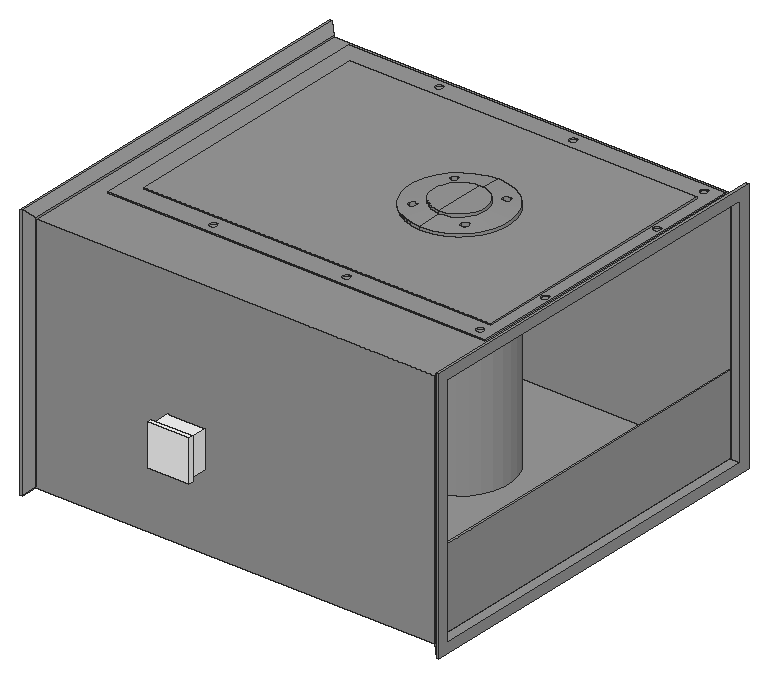
Revit family "RKB 800X500 B3 ErP AC_7480165", category Mechanical Equipment, Revit 2014
Parameters (values of type "RKB 800X500 B3 ErP AC")
  Wiring diagram = "Y 4040004 / Δ4040003"
  Width = 913 mm
  Weight = 61.80 kg
  Voltage range = "380-418 V"
  Voltage = 400 V
  Speed = "880 rpm"
  Sound pressure level at 3 m = "54 dB(A)"
  Power = 639 W
  Phase = 3
  Max. temperature of transported air when speed controlled = 60 °C
  Max. temperature of transported air = 60 °C
  Main Material = Steel, Galvanized
  Height = 557 mm
  Frequency = 50 Hz
  Elevation [instance] = 2600 mm
  Description = "UNINSULATED DUCT FANS WITH RECTANGULAR CONNECTIONS"
  Depth = 843 mm
  Current = 1.44 A
  Connector Height = 500 mm
  Connector Width = 800 mm
  Capacitor = "- μF"
Reference planes
  plane 1 "Center (Front/Back)": y = 0
  plane 2: z = 0
  plane 3 "Center (Left/Right)": x = 0
  plane 4: x = -456.5
  plane 5: x = 456.5
  plane 6: y = 421.5
  plane 7: y = -421.5
  plane 8: z = 2600
  plane 9: z = 3157
Dimensions and locks
  equal spacing: plane 4, plane 3 "Center (Left/Right)", plane 5
  "Width": plane 4 to plane 5
  equal spacing: plane 6, plane 1 "Center (Front/Back)", plane 7
  "Depth": plane 6 to plane 7
  "Elevation": plane 8 to level
  "Height": plane 9 to plane 8
  aligned and locked: level to plane 2
  aligned and locked: nested 1 to plane 1 "Center (Front/Back)"
  aligned and locked: plane 1 "Center (Front/Back)" to nested 2
  aligned and locked: plane 3 "Center (Left/Right)" to nested 2
  aligned and locked: nested 2 to plane 8
  aligned and locked: plane 3 "Center (Left/Right)" to nested 1
Nested families
  nested 1: "Flow direction symbol" at (0, 0, 0), type "Flow direction symbol"
  nested 2: "RKB" at (0, 0, 2600), type "RKB"
    with Height 557 mm
Connectors
  hvac at (-456.5, 0, 2878.5), driven by "Connector Height", driven by "Connector Width"
    settings: on nested 2, index 1, duct flow 0.0 L/s, flow factor 0, pres drop 0.0 Pa, loss coef 0, conn angle 0.00°, conn width 800 mm, conn height 500 mm, conn diameter 609.6 mm, duct sys type 1, conn prof type 1, flow config 0, flow direction 1, loss method 0, conn ref index -1, conn util no, is conn primary yes, conn desc ""
  hvac at (456.5, 0, 2878.5), driven by "Connector Height", driven by "Connector Width"
    settings: on nested 2, index 2, duct flow 0.0 L/s, flow factor 0, pres drop 0.0 Pa, loss coef 0, conn angle 0.00°, conn width 800 mm, conn height 500 mm, conn diameter 609.6 mm, duct sys type 3, conn prof type 1, flow config 0, flow direction 2, loss method 0, conn ref index -1, conn util no, is conn primary no, conn desc ""
  electrical at (-107.218, -455.269, 2818.459), driven by "Phase", driven by "Voltage", driven by "Power"
    settings: on nested 2, index 3, voltage 400 V, apparent load 0 VA, apparent load phase1 639 VA, apparent load phase2 0 VA, apparent load phase3 0 VA, power factor 1, load classification "HVAC", number of poles 3, system type 31, power factor state 1, is connector primary yes, connector utility no, sub classification motor no, connector description ""
Definition of nested family "RKB"
  Parameters (values of type "RKB")
    Width = 913 mm
    Main Material = Steel, Galvanized
    Height = 552 mm
    Description = ""
    Depth = 843 mm
    Connector Width = 800 mm
    Connector Heigth = 500 mm
  Reference planes
    plane 1 "Center (Front/Back)": y = 0
    plane 2: z = 0
    plane 3 "Center (Left/Right)": x = 0
    plane 4: x = -456.5
    plane 5: x = 456.5
    plane 6: y = 421.5
    plane 7: y = -421.5
    plane 8: z = 552
    plane 9: z = 119
    plane 10: z = 276
    plane 11: z = 526
    plane 12: z = 26
    plane 13: y = 400
    plane 14: y = -400
    plane 15: y = 77.049
    plane 16: x = 102.825
  Forms (mm)
    Sweep 1, solid, material "Steel, Galvanized" <- "Main Material", detail levels medium+fine
      path origin (-456.5, 864.407, 1200) x (0, 1, 0) y (0, 0, 1)
        loop
          line (-442.907, -1200) -> (-442.907, -648) -> (-1285.907, -648) -> (-1285.907, -1200) -> (-442.907, -1200)
      profile origin (-456.5, 421.5, 276) x (0, -1, 0) y (1, 0, 0)
        loop
          line (22.203, 21.231) -> (16.231, 21.231) -> (0, 5) -> (0, 0) -> (22.203, 0) -> (22.203, 21.231)
    Sweep 2, solid, material "Steel, Galvanized" <- "Main Material", detail levels medium+fine
      path origin (456.5, 864.407, 1200) x (0, 1, 0) y (0, 0, 1)
        loop
          line (-442.907, -1200) -> (-442.907, -648) -> (-1285.907, -648) -> (-1285.907, -1200) -> (-442.907, -1200)
      profile origin (456.5, 421.5, 276) x (0, -1, 0) y (1, 0, 0)
        loop
          line (22.203, -21.231) -> (22.203, 0) -> (0, 0) -> (0, -5) -> (16.231, -21.231) -> (22.203, -21.231)
    Revolve 3, solid, material "Steel, Galvanized" <- "Main Material", detail levels medium+fine
      sketch origin (102.825, -10.046, 1214.754) x (0, -1, 0) y (0, 0, 1)
        loop
          line (-86.292, -1181.797) -> (-86.292, -663.128) -> (-141.607, -663.128) -> (-141.607, -668.516) -> (-193.016, -672.754) -> (-193.016, -1181.797) -> (-86.292, -1181.797)
        axis (-86.292, -663.128) -> (-86.292, -1181.797)
      angle from 0 to 360
    Sweep 4, void
      path origin (58.455, 41.828, 1200) x (-1, 0, 0) y (0, 0, 1)
        loop
          line (-1.25, -670.203) -> (-1.25, -620.203)
      profile origin (59.705, 41.828, 554.797) x (1, 0, 0) y (0, 1, 0)
        loop
          circle (49.96, 336.216) r 8
        loop
          circle (-243.834, 337.817) r 8
        loop
          circle (337.928, -277.093) r 8
        loop
          circle (45.48, -275.902) r 8
        loop
          circle (-13.958, 92.298) r 8
        loop
          circle (334.96, 336.216) r 8
        loop
          circle (-244.52, -275.902) r 8
        loop
          circle (100.198, -21.858) r 8
        loop
          circle (-13.958, -21.858) r 8
        loop
          circle (100.198, 92.298) r 8
        loop
          circle (353.54, 184.894) r 8
        loop
          circle (353.54, -120.106) r 8
    Sweep 5, solid, material "Steel, Galvanized" <- "Main Material", detail levels coarse
      path origin (0, 0, 0) x (1, 0, 0) y (0, 1, 0)
        loop
          line (-456.5, 0) -> (456.5, 0)
      profile origin (0, 0, 0) x (0, 1, 0) y (0, 0, 1)
        loop
          line (421.5, 552) -> (-421.5, 552) -> (-421.5, 0) -> (421.5, 0) -> (421.5, 552)
    Sweep 6, solid, material "Steel, Galvanized" <- "Main Material", detail levels medium+fine
      path origin (0, 0, 0) x (0, 1, 0) y (0, 0, 1)
        loop
          line (399.297, 21.203) -> (399.297, 196.203)
      profile origin (0, 399.297, 108.703) x (0, -1, 0) y (1, 0, 0)
        loop
          line (0, -435.269) -> (798.595, -435.269) -> (798.595, -432.269) -> (0, -432.269) -> (0, -435.269)
        loop
          line (0, 435.269) -> (0, 432.269) -> (798.595, 432.269) -> (798.595, 435.269) -> (0, 435.269)
    Sweep 7, solid, material "Plastic", detail levels medium+fine
      path origin (0, 0, 0) x (1, 0, 0) y (0, 1, 0)
        loop
          line (-107.218, -405.269) -> (-107.218, -445.269)
      profile origin (-107.218, -425.269, 0) x (1, 0, 0) y (0, 0, 1)
        loop
          line (-40, 178.459) -> (40, 178.459) -> (40, 258.459) -> (-40, 258.459) -> (-40, 178.459)
    Sweep 8, solid, material "Plastic", detail levels medium+fine
      path origin (0, 0, 0) x (1, 0, 0) y (0, 1, 0)
        loop
          line (-107.218, -445.269) -> (-107.218, -455.269)
      profile origin (-107.218, -450.269, 0) x (1, 0, 0) y (0, 0, 1)
        loop
          line (-45, 263.459) -> (-45, 173.459) -> (45, 173.459) -> (45, 263.459) -> (-45, 263.459)
    Extrusion 9, solid, material "Steel, Galvanized" <- "Main Material"
      sketch origin (0, 0, 97) x (0, 1, 0) y (0, 0, 1)
        loop
          line (399.297, 438.769) -> (399.297, 442.221) -> (-257.401, 442.221) -> (-257.401, 438.769) -> (399.297, 438.769)
      from -397.577 to 425
    Extrusion 10, solid, material "Steel, Galvanized" <- "Main Material"
      sketch origin (0, 0, 97) x (1, 0, 0) y (0, 1, 0)
        loop
          line (-356.376, 352.734) -> (-356.376, -210) -> (400, -210) -> (400, 352.734) -> (-356.376, 352.734)
      from 442.221 to 445
    Extrusion 11, solid, material "Steel, Galvanized" <- "Main Material"
      sketch origin (0, 0, -2.5) x (0, 1, 0) y (0, 0, 1)
        loop
          line (405.269, 538.269) -> (-405.269, 538.269) -> (-405.269, 13.731) -> (405.269, 13.731) -> (405.269, 538.269)
        loop
          line (399.297, 532.297) -> (-399.297, 532.297) -> (-399.297, 21.203) -> (-399.297, 19.703) -> (399.297, 19.703) -> (399.297, 532.297)
      from -435.269 to 435.269
  Cuts and joins
    joined: Sweep 1, Sweep 2
    Sweep 4 cuts Extrusion 9
    Sweep 4 cuts Extrusion 10
    Sweep 4 cuts Revolve 3
  Dimensions and locks
    equal spacing: plane 4, plane 3 "Center (Left/Right)", plane 5
    "Width": plane 4 to plane 5
    equal spacing: plane 6, plane 1 "Center (Front/Back)", plane 7
    "Depth": plane 6 to plane 7
    "Height": plane 8 to level
    Sweep 4 sketch curve to plane 8 to Sweep 4 sketch curve = 27.797 mm locked, 22.203 mm locked
    locked: plane 6 to Sweep 6 sketch curve at 22.203  (x2)
    locked: plane 4 to Sweep 6 sketch curve at 21.231
    locked: Sweep 6 sketch curve to Sweep 6 sketch curve at 3  (x2)
    locked: Sweep 6 sketch curve to plane 7 at 22.203  (x2)
    locked: Sweep 6 sketch curve to plane 6 at 22.203
    locked: Sweep 6 sketch curve to plane 5 at 21.231
    Sweep 7 sketch curve to plane 7 to Sweep 7 sketch curve = 16.231 mm, 23.769 mm
    plane 7 to Sweep 8 sketch curve to Sweep 8 sketch curve = 23.769 mm, 10 mm locked
    equal spacing: plane 8, plane 10, plane 2
    "Connector Heigth": plane 11 to plane 12
    equal spacing: plane 11, plane 10, plane 12
    "Connector Width": plane 13 to plane 14
    equal spacing: plane 13, plane 1 "Center (Front/Back)", plane 14
    plane 1 "Center (Front/Back)" to Extrusion 9 = 399.297 mm
    aligned and locked: level to plane 2
    aligned and locked: Sweep 1 sketch curve to plane 6
    aligned and locked: plane 7 to Sweep 1 sketch curve
    aligned and locked: plane 2 to Sweep 1 sketch curve
    aligned and locked: Sweep 1 sketch curve to plane 8
    aligned and locked: Sweep 2 sketch curve to plane 8
    aligned and locked: plane 2 to Sweep 2 sketch curve
    aligned and locked: plane 7 to Sweep 2 sketch curve
    aligned and locked: Sweep 2 sketch curve to plane 6
    aligned and locked: plane 1 "Center (Front/Back)" to Sweep 5 sketch curve
    aligned and locked: plane 2 to Sweep 5 sketch curve
    aligned and locked: plane 7 to Sweep 5 sketch curve
    aligned and locked: Sweep 5 sketch curve to plane 6
    aligned and locked: Sweep 5 sketch curve to plane 8
    aligned and locked: cut or joined group of Sweep 4, Extrusion 10 to cut or joined group of Sweep 4, Extrusion 9
    aligned and locked: cut or joined group of Sweep 1, Sweep 2 to Extrusion 11
    aligned and locked: Extrusion 11 to cut or joined group of Sweep 1, Sweep 2
  Automatic sketch dimensions
    Sweep 1 sketch curve to profile plane = 0 mm
    Sweep 1 sketch curve to plane 4 = 0 mm
    Sweep 1 sketch curve to profile plane = 16.231 mm
    Sweep 1 sketch curve to Sweep 1 sketch curve = 5.972 mm
    plane 4 to Sweep 1 sketch curve = 5 mm
    plane 4 to Sweep 1 sketch curve = 21.231 mm
    Sweep 2 sketch curve to profile plane = 0 mm
    Sweep 2 sketch curve to plane 5 = 0 mm
    Sweep 2 sketch curve to profile plane = 16.231 mm
    Sweep 2 sketch curve to Sweep 2 sketch curve = 5.972 mm
    Sweep 2 sketch curve to Sweep 2 sketch curve = 5 mm
    Sweep 2 sketch curve to Sweep 2 sketch curve = 21.231 mm
    Sweep 5 sketch curve to plane 4 = 0 mm
    Sweep 5 sketch curve to plane 5 = 0 mm
    profile plane to Sweep 7 sketch curve = 40 mm
    Sweep 7 sketch curve to profile plane = 40 mm
    level to Sweep 7 sketch curve = 178.459 mm
    Sweep 7 sketch curve to Sweep 7 sketch curve = 80 mm
    profile plane to Sweep 8 sketch curve = 45 mm
    Sweep 8 sketch curve to profile plane = 45 mm
    level to Sweep 8 sketch curve = 173.459 mm
    Sweep 8 sketch curve to Sweep 8 sketch curve = 90 mm
    plane 3 "Center (Left/Right)" to Sweep 4 sketch curve = 59.705 mm
    Extrusion 9 sketch curve to plane 13 = 0.703 mm
    plane 14 to Extrusion 9 sketch curve = 142.599 mm
    Extrusion 9 sketch curve to Extrusion 9 sketch curve = 3.451 mm
    plane 11 to Extrusion 9 sketch curve = 9.769 mm
    Sweep 7 sketch curve to plane 3 "Center (Left/Right)" = 107.218 mm
    Sweep 8 sketch curve to plane 3 "Center (Left/Right)" = 107.218 mm
    plane 4 to Extrusion 10 sketch curve = 100.124 mm
    Extrusion 10 sketch curve to plane 5 = 56.5 mm
    plane 1 "Center (Front/Back)" to Extrusion 10 sketch curve = 210 mm
    Extrusion 10 sketch curve to plane 13 = 47.266 mm
    Extrusion 11 sketch curve to plane 14 = 5.269 mm
    plane 14 to Extrusion 11 sketch curve = 0.703 mm
    plane 13 to Extrusion 11 sketch curve = 5.269 mm
    Extrusion 11 sketch curve to plane 12 = 14.769 mm
    Extrusion 11 sketch curve to plane 12 = 8.797 mm
    Extrusion 11 sketch curve to Extrusion 11 sketch curve = 1.5 mm
    plane 11 to Extrusion 11 sketch curve = 3.797 mm
    Extrusion 11 sketch curve to Extrusion 11 sketch curve = 5.972 mm
    Extrusion 11 sketch curve to plane 13 = 0.703 mm
    plane 12 to Revolve 3 sketch curve = 6.956 mm
    plane 15 to Revolve 3 sketch curve = 105.922 mm
    Revolve 3 sketch curve to plane 8 = 0.374 mm
    Revolve 3 sketch curve to Revolve 3 sketch curve = 51.409 mm
    Revolve 3 sketch curve to plane 15 = 0.803 mm  (x2)
    Revolve 3 sketch curve to plane 8 = 10 mm
    Revolve 3 sketch curve to plane 8 = 5.762 mm
    Revolve 3 sketch curve to Revolve 3 sketch curve = 0 mm
    plane 8 to Revolve 3 sketch curve = 15.84 mm
    profile plane to Sweep 4 sketch curve = 244.52 mm
    profile plane to Sweep 4 sketch curve = 243.834 mm
    profile plane to Sweep 4 sketch curve = 13.958 mm  (x2)
    Sweep 4 sketch curve to profile plane = 45.48 mm
    Sweep 4 sketch curve to profile plane = 49.96 mm
    Sweep 4 sketch curve to profile plane = 21.858 mm  (x2)
    Sweep 4 sketch curve to profile plane = 100.198 mm  (x2)
    Sweep 4 sketch curve to Sweep 4 sketch curve = 285 mm
    Sweep 4 sketch curve to Sweep 4 sketch curve = 292.448 mm
    Sweep 4 sketch curve to Sweep 4 sketch curve = 15.612 mm
    Sweep 4 sketch curve to Sweep 4 sketch curve = 18.58 mm
    Sweep 4 sketch curve to profile plane = 120.106 mm
    Sweep 4 sketch curve to Sweep 4 sketch curve = 254.044 mm
    Sweep 4 sketch curve to profile plane = 275.902 mm
    Sweep 4 sketch curve to Sweep 4 sketch curve = 156.987 mm
    profile plane to Sweep 4 sketch curve = 92.298 mm  (x2)
    profile plane to Sweep 4 sketch curve = 184.894 mm
    Sweep 4 sketch curve to Sweep 4 sketch curve = 243.917 mm
    Sweep 4 sketch curve to Sweep 4 sketch curve = 151.322 mm
    Sweep 4 sketch curve to Sweep 4 sketch curve = 1.601 mm
    Sweep 6 sketch curve to plane 12 = 4.797 mm
    plane 9 to Sweep 6 sketch curve = 77.203 mm
    radius of Sweep 4 sketch curve = 8 mm  (x12)
Definition of nested family "Flow direction symbol"
  Parameters (values of type "Flow direction symbol")
    Warning = "!"
    Text = "DIMENSIONS OVERCONSTRAINT"
  Reference planes
    plane 1: y = 0
    plane 2: x = 0
  Lines and regions (mm)
    detail lines
      curve 1: line (-0.506, 0.877, 0) -> (-0.506, -0.877, 0)
      curve 2: line (1.012, 0, 0) -> (-0.506, -0.877, 0)
      curve 3: line (-0.506, 0.877, 0) -> (1.012, 0, 0)
      curve 4: circle (0, 0, 0) r 1 normal (0, 0, 1)
